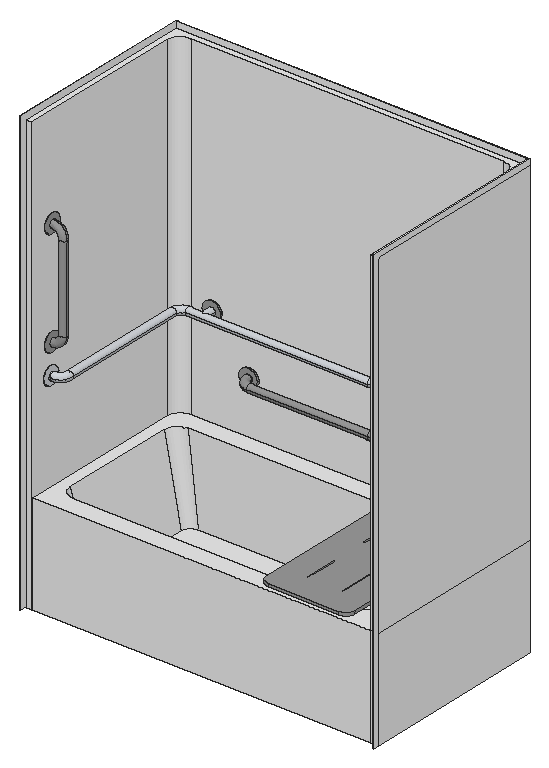
Revit family "LH_STS6032A17_BESTBATH_BATHTUB", category Plumbing Fixtures, Revit 2019
Family settings
  Round Connector Dimension = Use Diameter
  Part Type = Normal
  OmniClass Number = 23.45.05.14.17
  OmniClass Title = Showers
  Work Plane-Based = No
  Always vertical = Yes
  Cut with Voids When Loaded = No
  Shared = No
  Room Calculation Point = No
Parameters (values of type "STS6032A17")
  V_GRAB_BAR_RIGHT_HOR [instance] = yes
  V_GRAB_BAR_LEFT_VERT [instance] = yes
  V_GRAB_BAR_FRONT_L [instance] = yes
  V_GRAB_BAR_FRONT_HOR [instance] = yes
  V_BATHTUB_SEAT [instance] = yes
  Unit Width = 60"
  Unit Height = 75"
  URL = "http://www.bestbath.com"
  Type Comments = "ADA Compliant"
  Threshold Height = 17"
  Model = "STS6032A17"
  Material [instance] = Best Bath Gelcoat Fiberglass - Smooth
  Manufacturer = "best bath"
  Keynote = ""
  Description = ""
  Assembly Code = "D2010700"
Reference planes (in)
  plane 1 "Back": y = -1
  plane 2: z = 0
  plane 3 "Left": x = 0
  plane 4: x = 60
  plane 5: y = -33
  plane 6: z = 74
  plane 7: z = 75
  plane 8: x = 51
  plane 9: z = 17
  plane 10: y = -18.25
  plane 11: y = -2.25
  plane 12: z = 26
  plane 13: z = 34
  plane 14: z = 39
  plane 15: y = -34
  plane 16: z = 17
  plane 17: x = -10.75
  plane 18: x = -54.25
  plane 19: y = -5.5
  plane 20: y = -28
  plane 21: y = -5.5
  plane 22: y = -30
  plane 23: x = -4.25
  plane 24: x = -56.75
  plane 25: z = 26
  plane 26: z = 34
  plane 27: z = 39
Forms (in)
  Extrusion 1, solid, material "Best Bath Gelcoat Fiberglass - Smooth"
    sketch origin (0, 0, 0) x (-1, 0, 0) y (0, -1, 0)
      loop
        line (58.75, 33) -> (58.75, 4.5)
        arc (58.75, 4.5) -> (58.09099, 2.90901) -> (56.5, 2.25) r 2.25
        line (56.5, 2.25) -> (3.5, 2.25)
        arc (3.5, 2.25) -> (1.90901, 2.90901) -> (1.25, 4.5) r 2.25
        line (1.25, 4.5) -> (1.25, 33) -> (0, 33) -> (0, 1) -> (60, 1) -> (60, 33) -> (58.75, 33)
    from 0 to 74
  Extrusion 2, solid, material "Best Bath Gelcoat Fiberglass - Smooth"
    sketch origin (0, 0, 0) x (-1, 0, 0) y (0, -1, 0)
      loop
        line (0, 33) -> (0, 1) -> (60, 1) -> (60, 33) -> (0, 33)
      loop
        circle (52, 17) r 1.5
    from 0 to 17
  Blend 3, void
    base sketch origin (-0.75, 0, 0) x (-1, 0, 0) y (0, -1, 0)
      loop
        line (11.65, 5.5) -> (51.85, 5.5)
        arc (51.85, 5.5) -> (53.01673, 5.98327) -> (53.5, 7.15) r 1.65
        line (53.5, 7.15) -> (53.5, 25.75)
        arc (53.5, 25.75) -> (52.84099, 27.34099) -> (51.25, 28) r 2.25
        line (51.25, 28) -> (12.25, 28)
        arc (12.25, 28) -> (10.65901, 27.34099) -> (10, 25.75) r 2.25
        line (10, 25.75) -> (10, 7.15)
        arc (10, 7.15) -> (10.48327, 5.98327) -> (11.65, 5.5) r 1.65
    top sketch origin (-0.75, 0, 0) x (-1, 0, 0) y (0, -1, 0)
      loop
        line (5.75, 5.5) -> (53.75, 5.5)
        arc (53.75, 5.5) -> (55.34099, 6.15901) -> (56, 7.75) r 2.25
        line (56, 7.75) -> (56, 27.75)
        arc (56, 27.75) -> (55.34099, 29.34099) -> (53.75, 30) r 2.25
        line (53.75, 30) -> (5.75, 30)
        arc (5.75, 30) -> (4.15901, 29.34099) -> (3.5, 27.75) r 2.25
        line (3.5, 27.75) -> (3.5, 7.75)
        arc (3.5, 7.75) -> (4.15901, 6.15901) -> (5.75, 5.5) r 2.25
    from 2.23617 to 18
  Extrusion 4, solid, material "Best Bath Gelcoat Fiberglass - Smooth"
    sketch origin (0, 0, 0) x (-1, 0, 0) y (0, -1, 0)
      loop
        line (0, 34) -> (0, 1) -> (60, 1) -> (60, 34) -> (59.875, 34) -> (59.875, 1.125) -> (0.125, 1.125) -> (0.125, 34) -> (0, 34)
    from 0 to 75
Cuts and joins
  Blend 3 cuts Extrusion 2
Dimensions and locks (in)
  "Unit Width": plane 3 "Left" to plane 4
  "Unit Height": plane 7 to level
  plane 3 "Left" to plane 8 to plane 4 = 51", 9"
  locked: plane 10 to plane 1 "Back" at 17.25
  "Threshold Height": plane 9 to level
  locked: plane 5 to plane 15 at 1
  locked: plane 15 to plane 1 "Back" at 33
  plane 11 to plane 1 "Back" = 1 1/4"
  locked: plane 7 to plane 6 at 1
  Extrusion 1 to plane 19 = 4 1/2"
  plane 25 to plane 16 = 9"
  plane 26 to plane 16 = 17"
  plane 27 to plane 16 = 22"
  Extrusion 4 to Extrusion 1 = 32"
  Extrusion 4 to Extrusion 1 = 1"
  Extrusion 4 to Extrusion 4 = 60"
  cut or joined group of Extrusion 2, Blend 3 to Extrusion 1 = 30 3/4"
  nested 5 to Extrusion 1 = 4 1/2"
  Extrusion 4 to Extrusion 4 = 33"
  Extrusion 4 to Extrusion 2 sketch curve = 16"
  Extrusion 2 sketch curve to Extrusion 2 sketch curve = 8"
  Extrusion 1 sketch curve to Extrusion 1 sketch curve = 30 3/4"
  cut or joined group of Extrusion 2, Blend 3 to nested 3 = 9"
  cut or joined group of Extrusion 2, Blend 3 to nested 1 = 17"
  cut or joined group of Extrusion 2, Blend 3 to Extrusion 4 = 75"
  Extrusion 1 to Extrusion 4 = 1"
  Extrusion 1 to Extrusion 1 = 57 1/2"
  cut or joined group of Extrusion 2, Blend 3 to Extrusion 1 = 57"
  Extrusion 1 to nested 4 = 4"
  cut or joined group of Extrusion 2, Blend 3 to nested 4 = 22"
  nested 5 to cut or joined group of Extrusion 2, Blend 3 = 17 1/2"
  radius of Blend 3 sketch curve = 1.65"  (x2)
  radius of Blend 3 sketch curve = 2 1/4"  (x2)
  aligned and locked: level to plane 2
  aligned and locked: Extrusion 1 to plane 6
  aligned and locked: Extrusion 2 sketch curve to Extrusion 1  (x3)
  aligned and locked: Blend 3 sketch curve to plane 20
  aligned and locked: plane 19 to Blend 3 sketch curve
  aligned and locked: plane 18 to Blend 3 sketch curve
  aligned and locked: Blend 3 sketch curve to plane 17
  aligned and locked: Blend 3 sketch curve to plane 23
  aligned and locked: plane 24 to Blend 3 sketch curve
  aligned and locked: Blend 3 sketch curve to plane 22
  aligned and locked: plane 21 to Blend 3 sketch curve
  aligned and locked: plane 26 to nested 1
  aligned and locked: nested 3 to plane 25
  aligned and locked: nested 4 to plane 27
  aligned and locked: Extrusion 4 to plane 7
  aligned and locked: plane 11 to Extrusion 1
Automatic sketch dimensions
  Extrusion 1 sketch curve to plane 3 "Left" = 0"
  Extrusion 1 sketch curve to plane 5 = 0"  (x2)
  Extrusion 1 sketch curve to plane 1 "Back" = 0"
  plane 3 "Left" to Extrusion 1 sketch curve = 1 1/4"
  Extrusion 1 sketch curve to Extrusion 1 sketch curve = 2 1/4"  (x2)
  Extrusion 1 sketch curve to Extrusion 1 sketch curve = 53"
  Extrusion 1 sketch curve to Extrusion 1 sketch curve = 1 1/4"
  Blend 3 sketch curve to plane 23 = 2 1/4"
  plane 21 to Blend 3 sketch curve = 2 1/4"  (x2)
  Blend 3 sketch curve to Blend 3 sketch curve = 2 1/4"
  plane 1 "Back" to Extrusion 4 sketch curve = 0"
  Extrusion 4 sketch curve to plane 3 "Left" = 0"
  Extrusion 4 sketch curve to plane 15 = 0"  (x2)
  plane 3 "Left" to Extrusion 4 sketch curve = 1/8"
  Extrusion 4 sketch curve to plane 1 "Back" = 1/8"
  Extrusion 4 sketch curve to Extrusion 4 sketch curve = 59 3/4"
  Extrusion 4 sketch curve to Extrusion 4 sketch curve = 1/8"
  plane 1 "Back" to Extrusion 2 sketch curve = 0"
  radius of Extrusion 2 sketch curve = 1 1/2"
Nested families (in)
  nested 1: "Grab Bar - L shape" at (-58.75, -2.25, -2.97512), visible <- "V_GRAB_BAR_FRONT_L", type "27" x 36" x 1.25""
    with Double Anchor Bar Length 36"
  nested 2: "Grab Bar - horiz" at (-1.25, -29, -0.625) x (0, 1, 0) z (0, 0, 1), visible <- "V_GRAB_BAR_RIGHT_HOR", type "12" x 1.25""
  nested 3: "Grab Bar - horiz" at (-22.5, -2.25, -8.625) x (-1, 0, 0) z (0, 0, 1), visible <- "V_GRAB_BAR_FRONT_HOR", type "24" x 1.25""
    with Grab Bar Size 24"
  nested 4: "Grab Bar - vertical" at (-58.75, -29, -0.625) x (0, -1, 0) z (0, 0, 1), visible <- "V_GRAB_BAR_LEFT_VERT", type "18" x 1.25""
  nested 5: "ADA Shower Seat" at (-23, -18.80262, -1.125) x (0, -1, 0) z (0, 0, 1), visible <- "V_BATHTUB_SEAT", type "SE3015PHSO"
Connectors (in)
  piping at (-52, -17, 0), diameter 3
    settings: on cut or joined group of Extrusion 2, Blend 3, index 1, connector inside diameter 24", connector length 0", flow factor 0, pipe flow 0 GPM, pressure drop 0.00 psi, fitting loss kfactor 0, connector angle 0.00°, fixture units 0, engagement length 0", angle of deflection 0.00°, flow configuration 0, flow direction 2, fitting loss method 0, system type 16, joint type 0, gender type 0, connector reference index -1, connector utility 0, adjustable connector no, is connector primary yes, connector description ""
Definition of nested family "Grab Bar - L shape"
  Parameters
    Single Anchor Bar Length = 27"
    Mounting Height = 39"
    URL = "http://seachrome.com/"
    Threshold Height = 2.02488"
    Model = "GB2748QSS"
    Manufacturer = "Seachrome Corp."
    Keynote = "10 28 00.C1"
    Double Anchor Bar Length = 48"
    Description = "27\" x 48\" x 1.25\" L Grab Bar"
    Assembly Code = "C1030200"
  Reference planes (in)
    plane 1 "Center (Front/Back)": y = 0
    plane 2: z = 0
    plane 3 "Center (Left/Right)": x = 0
    plane 4: z = 36.97512
    plane 5: z = -2.02488
    plane 6: y = -2.125
    plane 7: x = 2.125
    plane 8: x = 6
    plane 9: x = 48
    plane 10: y = -27
  Forms (in)
    Extrusion 1, solid
      sketch origin (0, 0, 0) x (1, 0, 0) y (0, 0, 1)
        loop
          circle (6, 36.97512) r 1.5625
        loop
          circle (48, 36.97512) r 1.5625
      from 0 to 0.25
    Extrusion 2, solid
      sketch origin (0, 0, 0) x (0, 1, 0) y (0, 0, 1)
        loop
          circle (-27, 36.97512) r 1.5
      from 0 to 0.25
    Sweep 3, solid
      path origin (0, 0, 0) x (1, 0, 0) y (0, 1, 0)
        loop
          line (0.25, -27) -> (0.625, -27)
          arc (0.625, -27) -> (1.68566, -26.56066) -> (2.125, -25.5) r 1.5
          line (2.125, -25.5) -> (2.125, -3.625)
          arc (2.125, -3.625) -> (2.56434, -2.56434) -> (3.625, -2.125) r 1.5
          line (3.625, -2.125) -> (46.5, -2.125)
          arc (46.5, -2.125) -> (47.56066, -1.68566) -> (48, -0.625) r 1.5
          line (48, -0.625) -> (48, -0.25)
      profile origin (0.4375, -27, 0) x (0, 1, 0) y (0, 0, 1)
        loop
          circle (0, 36.98831) r 0.625
    Sweep 4, solid
      path origin (0, 0, 0) x (1, 0, 0) y (0, 1, 0)
        loop
          line (6, -0.25) -> (6, -2.125)
      profile origin (6, -1.1875, 0) x (1, 0, 0) y (0, 0, 1)
        loop
          circle (0, 36.98831) r 0.62
  Dimensions and locks (in)
    "Threshold Height": level to plane 5
    "Mounting Height": plane 4 to plane 5
    locked: plane 3 "Center (Left/Right)" to plane 7 at 2.125
    locked: plane 3 "Center (Left/Right)" to plane 8 at 6
    locked: plane 6 to plane 1 "Center (Front/Back)" at 2.125
    "Double Anchor Bar Length": plane 3 "Center (Left/Right)" to plane 9
    "Single Anchor Bar Length": plane 10 to plane 1 "Center (Front/Back)"
    plane 4 to plane 5 = 39"
    level to plane 5 = 2.02488"
    aligned and locked: level to plane 2
    aligned and locked: plane 8 to Extrusion 1 sketch curve
    aligned and locked: plane 4 to Extrusion 1 sketch curve
    aligned and locked: plane 9 to Extrusion 1 sketch curve
    aligned and locked: plane 10 to Extrusion 2 sketch curve
    aligned and locked: plane 4 to Extrusion 2 sketch curve
  Automatic sketch dimensions
    Extrusion 1 sketch curve to plane 4 = 0"
    Sweep 3 sketch curve to plane 10 = 0"
    Sweep 3 sketch curve to plane 7 = 0"
    Sweep 3 sketch curve to plane 6 = 0"
    Sweep 3 sketch curve to plane 9 = 0"
    plane 3 "Center (Left/Right)" to Sweep 3 sketch curve = 5/8"
    Sweep 3 sketch curve to plane 6 = 1 1/2"
    plane 1 "Center (Front/Back)" to Sweep 3 sketch curve = 5/8"
    plane 3 "Center (Left/Right)" to Sweep 3 sketch curve = 1/4"
    plane 1 "Center (Front/Back)" to Sweep 3 sketch curve = 1/4"
    Sweep 3 sketch curve to profile plane = 0"
    level to Sweep 3 sketch curve = 36.98831"
    Sweep 4 sketch curve to plane 6 = 0"
    Sweep 4 sketch curve to plane 8 = 0"
    plane 1 "Center (Front/Back)" to Sweep 4 sketch curve = 1/4"
    profile plane to Sweep 4 sketch curve = 0"
    level to Sweep 4 sketch curve = 36.98831"
    radius of Extrusion 1 sketch curve = 1 9/16"  (x2)
    radius of Extrusion 2 sketch curve = 1 1/2"
    radius of Sweep 3 sketch curve = 5/8"
    radius of Sweep 4 sketch curve = 0.62"
Definition of nested family "Grab Bar - horiz"
  Parameters
    Grab Bar Size = 12"
    URL = "http://seachrome.com/"
    Threshold Height = 5/8"
    Mounting Height = 34"
    Model = "GB12QSS"
    Manufacturer = "Seachrome Corp."
    Keynote = "10 28 00.C1"
    Description = "18\" x 1.25\" grab bar"
    Assembly Code = "C1030200"
  Reference planes (in)
    plane 1 "Center (Front/Back)": y = 0
    plane 2: z = 0
    plane 3 "Center (Left/Right)": x = 0
    plane 4: z = 34.625
    plane 5: z = 0.625
    plane 6: x = 12
  Forms (in)
    Extrusion 1, solid
      sketch origin (0, 0, 0) x (1, 0, 0) y (0, 0, 1)
        loop
          circle (0, 34.625) r 1.5625
        loop
          circle (12, 34.625) r 1.5625
      from 0 to 0.25
    Sweep 2, solid
      path origin (0, 0, 0) x (1, 0, 0) y (0, 1, 0)
        loop
          line (0, -0.25) -> (0, -0.375)
          arc (0, -0.375) -> (0.51256, -1.61244) -> (1.75, -2.125) r 1.75
          line (1.75, -2.125) -> (10.25, -2.125)
          arc (10.25, -2.125) -> (11.48744, -1.61244) -> (12, -0.375) r 1.75
          line (12, -0.375) -> (12, -0.25)
      profile origin (6, -2.125, 0) x (0, 1, 0) y (0, 0, 1)
        loop
          circle (0, 34.625) r 0.625
  Dimensions and locks (in)
    "Threshold Height": plane 5 to level
    "Mounting Height": plane 4 to plane 5
    "Grab Bar Size": plane 6 to plane 3 "Center (Left/Right)"
    Sweep 2 sketch curve to plane 1 "Center (Front/Back)" = 2 1/8"
    aligned and locked: level to plane 2
  Automatic sketch dimensions
    Extrusion 1 sketch curve to plane 3 "Center (Left/Right)" = 0"
    Extrusion 1 sketch curve to plane 4 = 0"  (x2)
    Extrusion 1 sketch curve to plane 6 = 0"
    Sweep 2 sketch curve to plane 3 "Center (Left/Right)" = 0"
    plane 1 "Center (Front/Back)" to Sweep 2 sketch curve = 3/8"
    Sweep 2 sketch curve to plane 6 = 0"
    Sweep 2 sketch curve to plane 6 = 1 3/4"
    Sweep 2 sketch curve to Sweep 2 sketch curve = 1/8"  (x2)
    Sweep 2 sketch curve to profile plane = 0"
    level to Sweep 2 sketch curve = 34 5/8"
    radius of Extrusion 1 sketch curve = 1 9/16"  (x2)
    radius of Sweep 2 sketch curve = 5/8"
Definition of nested family "Grab Bar - vertical"
  Parameters
    Wall Clearance = 2 1/8"
    Mounting Height = 39"
    Grab Bar Size = 18"
    URL = "http://seachrome.com/"
    Threshold Height = 5/8"
    Model = "GB18QSS"
    Manufacturer = "Seachrome Corp."
    Keynote = "10 28 00.C1"
    Description = "18\" x 1.25\" grab bar"
    Assembly Code = "C1030200"
  Reference planes (in)
    plane 1 "Center (Front/Back)": y = 0
    plane 2: z = 0
    plane 3 "Center (Left/Right)": x = 0
    plane 4: z = 39.625
    plane 5: z = 57.625
    plane 6: z = 0.625
  Forms (in)
    Sweep 1, solid
      path origin (0, 0, 0) x (0, 1, 0) y (0, 0, 1)
        loop
          line (-0.25, 39.625) -> (-0.375, 39.625)
          arc (-0.375, 39.625) -> (-1.61244, 40.13756) -> (-2.125, 41.375) r 1.75
          line (-2.125, 41.375) -> (-2.125, 55.875)
          arc (-2.125, 55.875) -> (-1.61244, 57.11244) -> (-0.375, 57.625) r 1.75
          line (-0.375, 57.625) -> (-0.25, 57.625)
      profile origin (0, -0.3125, 39.625) x (0, 0, -1) y (1, 0, 0)
        loop
          circle (0, 0) r 0.625
    Extrusion 2, solid
      sketch origin (0, 0, 0) x (1, 0, 0) y (0, 0, 1)
        loop
          circle (0, 39.625) r 1.5625
        loop
          circle (0, 57.625) r 1.5625
      from 0 to 0.25
  Dimensions and locks (in)
    "Grab Bar Size": plane 5 to plane 4
    Extrusion 2 to Sweep 1 sketch curve = 1 7/8"
    "Threshold Height": plane 6 to level
    "Mounting Height": plane 4 to plane 6
    aligned and locked: level to plane 2
    aligned and locked: plane 5 to Sweep 1 sketch curve
    aligned and locked: Sweep 1 sketch curve to plane 4
  Automatic sketch dimensions
    Sweep 1 sketch curve to plane 3 "Center (Left/Right)" = 0"
    Sweep 1 sketch curve to profile plane = 0"
    Extrusion 2 sketch curve to plane 3 "Center (Left/Right)" = 0"  (x2)
    Extrusion 2 sketch curve to plane 4 = 0"
    Extrusion 2 sketch curve to plane 5 = 0"
    Sweep 1 sketch curve to plane 5 = 1 3/4"
    plane 1 "Center (Front/Back)" to Sweep 1 sketch curve = 1/4"
    Sweep 1 sketch curve to Sweep 1 sketch curve = 1/8"
    Sweep 1 sketch curve to plane 5 = 0"
    plane 4 to Sweep 1 sketch curve = 1 3/4"
    radius of Sweep 1 sketch curve = 5/8"
    radius of Extrusion 2 sketch curve = 1 9/16"  (x2)
Definition of nested family "ADA Shower Seat"
  Parameters
    URL = "http://seachrome.com/"
    Seat Width = 27"
    Seat Height = 18"
    Seat Depth = 15"
    Model = "SE3015PHSO"
    Manufacturer = "Seachrome"
    Keynote = "22 40 00.B7"
    Description = "32\" x 16\" fold down seat with swing-down legs, phenolic"
    Assembly Code = "C1030200"
  Reference planes (in)
    plane 1 "Center (Front/Back)": y = 0
    plane 2: z = 0
    plane 3 "Center (Left/Right)": x = 0
    plane 4: x = 13.5
    plane 5: x = -13.5
    plane 6: y = -2.25
    plane 7: y = -17.25
    plane 8: z = 18.125
    plane 9: z = 18.625
    plane 10: y = -9.75
    plane 11: x = 12.5
    plane 12: x = -12.5
    plane 13: z = 3.125
    plane 14: x = -8.75
    plane 15: x = 8.75
    plane 16: z = 14.875
    plane 17: y = -14.875
    plane 18: y = -4.625
    plane 19: z = 0.625
    plane 20: x = -3.25
    plane 21: x = 3.25
  Forms (in)
    Extrusion 1, solid
      sketch origin (0, 0, 0) x (1, 0, 0) y (0, 1, 0)
        loop
          line (12, -2.25) -> (-12, -2.25)
          arc (-12, -2.25) -> (-13.06066, -2.68934) -> (-13.5, -3.75) r 1.5
          line (-13.5, -3.75) -> (-13.5, -15.75)
          arc (-13.5, -15.75) -> (-13.06066, -16.81066) -> (-12, -17.25) r 1.5
          line (-12, -17.25) -> (12, -17.25)
          arc (12, -17.25) -> (13.06066, -16.81066) -> (13.5, -15.75) r 1.5
          line (13.5, -15.75) -> (13.5, -3.75)
          arc (13.5, -3.75) -> (13.06066, -2.68934) -> (12, -2.25) r 1.5
        loop
          line (3.25, -12.5968) -> (3.25, -12.92762) -> (8.75, -12.92762) -> (8.75, -12.5968) -> (3.25, -12.5968)
        loop
          line (-3.25, -12.5968) -> (-8.75, -12.5968) -> (-8.75, -12.92762) -> (-3.25, -12.92762) -> (-3.25, -12.5968)
        loop
          line (3.25, -6.93984) -> (8.75, -6.93984) -> (8.75, -6.60902) -> (3.25, -6.60902) -> (3.25, -6.93984)
        loop
          line (-3.25, -6.93984) -> (-3.25, -6.60902) -> (-8.75, -6.60902) -> (-8.75, -6.93984) -> (-3.25, -6.93984)
      from 18.125 to 18.625
    Extrusion 2, solid
      sketch origin (0, 0, 0) x (1, 0, 0) y (0, 0, 1)
        loop
          circle (-14.05099, 18.375) r 0.5
      from 4.625 to 14.875
    Extrusion 3, solid
      sketch origin (0, 0, 0) x (1, 0, 0) y (0, 0, 1)
        loop
          line (-14.55262, 18.125) -> (-14.55262, 18.625) -> (-16.05262, 18.625) -> (-16.05262, 20.125) -> (-16.55262, 20.125) -> (-16.55262, 18.125) -> (-14.55262, 18.125)
      from 4.625 to 14.875
    Extrusion 4, void
      sketch origin (0, 0, 0) x (1, 0, 0) y (0, 0, 1)
        loop
          line (-18.81546, 20.96567) -> (-18.81546, 16.96567) -> (-14.55262, 16.96567) -> (-14.55262, 20.96567) -> (-18.81546, 20.96567)
      from 6.48402 to 12.92762
  Cuts and joins
    Extrusion 4 cuts Extrusion 3
  Dimensions and locks (in)
    equal spacing: plane 5, plane 3 "Center (Left/Right)", plane 4
    "Seat Width": plane 5 to plane 4
    "Seat Depth": plane 7 to plane 6
    plane 6 to plane 1 "Center (Front/Back)" = 2 1/4"
    locked: plane 9 to plane 8 at 0.5
    equal spacing: plane 7, plane 10, plane 6
    equal spacing: plane 11, plane 3 "Center (Left/Right)", plane 12
    equal spacing: plane 14, plane 3 "Center (Left/Right)", plane 15
    locked: plane 19 to level at 0.625
    "Seat Height": plane 9 to plane 19
    plane 18 to plane 17 = 10 1/4"
    equal spacing: plane 18, plane 10, plane 17
    plane 14 to plane 20 = 5 1/2"
    plane 21 to plane 15 = 5 1/2"
    aligned and locked: plane 2 to level
    aligned and locked: Extrusion 1 sketch curve to plane 6
    aligned and locked: plane 4 to Extrusion 1 sketch curve
    aligned and locked: plane 9 to Extrusion 1
    aligned and locked: Extrusion 1 to plane 8
    aligned and locked: Extrusion 2 to plane 17
    aligned and locked: plane 18 to Extrusion 2
    aligned and locked: Extrusion 1 sketch curve to plane 14
    aligned and locked: plane 14 to Extrusion 1 sketch curve
    aligned and locked: Extrusion 1 sketch curve to plane 15
    aligned and locked: Extrusion 1 sketch curve to plane 20
    aligned and locked: plane 20 to Extrusion 1 sketch curve
    aligned and locked: Extrusion 1 sketch curve to plane 21
    aligned and locked: plane 21 to Extrusion 1 sketch curve
    aligned and locked: Extrusion 3 to Extrusion 2
    aligned and locked: Extrusion 2 to Extrusion 3
  Automatic sketch dimensions
    plane 8 to Extrusion 2 sketch curve = 1/4"
    Extrusion 2 sketch curve to plane 5 = 0.55099"
    Extrusion 3 sketch curve to plane 8 = 0"
    Extrusion 3 sketch curve to plane 9 = 0"
    Extrusion 3 sketch curve to plane 5 = 2.55262"
    Extrusion 3 sketch curve to plane 5 = 1.05262"
    Extrusion 3 sketch curve to Extrusion 3 sketch curve = 1 1/2"
    Extrusion 3 sketch curve to Extrusion 3 sketch curve = 1/2"
    Extrusion 4 sketch curve to plane 8 = 1.15933"
    Extrusion 4 sketch curve to plane 5 = 5.31546"
    Extrusion 4 sketch curve to plane 5 = 1.05262"
    plane 9 to Extrusion 4 sketch curve = 2.34067"
    Extrusion 1 sketch curve to plane 5 = 0"
    plane 7 to Extrusion 1 sketch curve = 0"
    Extrusion 1 sketch curve to plane 15 = 0"
    plane 12 to Extrusion 1 sketch curve = 1/2"  (x2)
    Extrusion 1 sketch curve to plane 11 = 1/2"  (x2)
    Extrusion 1 sketch curve to Extrusion 1 sketch curve = 0.33082"  (x4)
    Extrusion 1 sketch curve to plane 18 = 2.31484"  (x2)
    plane 17 to Extrusion 1 sketch curve = 1.94738"  (x2)
    radius of Extrusion 2 sketch curve = 1/2"
